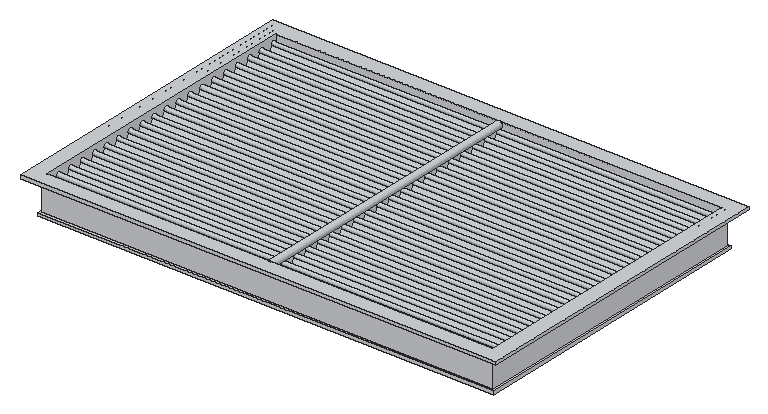
Revit family "BSHH", category Air Terminals, Revit 2012
Parameters (values of type "BSHH-23-15")
  separación = 3/4"
  Width = A Largo + 3" / 2  # 23 29/32"
  URL = "http://www.inne.com.mx"
  Travesaños laterales = if(A Largo > 29", 1 < 2, 1 > 2)  # no
  Travesaño medio = if(A Largo < 10", 1 > 2, 1 < 2)  # yes
  N° de rejillas = (B Alto / separación)  # 19
  Mínima velocidad de cuello = 0 FPM
  Mínima presión estática = 0.00 in-wg
  Máximo nivel de ruido (NC) = ""
  Máxima velocidad de cuello = 0 FPM
  Máxima presión estática = 0.00 in-wg
  Material = ""
  Manufacturer = "INNE"
  Height = B Alto + 3" / 2  # 15 29/32"
  Cuello = ""
  B marco = B Alto + 1 1/2"  # 15 29/32"
  B Alto = 14 13/32"
  Altura = 1 7/8"
  A Largo = 22 13/32"
Types (5): name | Width | N° de rejillas | Height | B marco | B Alto | Altura | A Largo
  (no name) | 23 29/32" | 19 | 15 29/32" | 15 29/32" | 14 13/32" | 1 7/8" | 22 13/32"
  BSHH-20-12 | 20 29/32" | 15 | 12 29/32" | 12 29/32" | 11 13/32" | 1 1/2" | 19 13/32"
  BSHH-21-13 | 21 29/32" | 17 | 13 29/32" | 13 29/32" | 12 13/32" | 1 7/8" | 20 13/32"
  BSHH-22-14 | 22 29/32" | 18 | 14 29/32" | 14 29/32" | 13 13/32" | 1 7/8" | 21 13/32"
  BSHH-23-15 | 23 29/32" | 19 | 15 29/32" | 15 29/32" | 14 13/32" | 1 7/8" | 22 13/32"
Reference planes (in)
  plane 1 "Center (Front/Back)": y = 0
  plane 2: z = 0
  plane 3 "Center (Left/Right)": x = 0
  plane 4: y = 7.20312
  plane 5: y = -7.20313
  plane 6: x = -11.20312
  plane 7: x = 11.20313
  plane 8: y = 6.70312
  plane 9: z = -0.58333
  plane 10 "top 2": y = 7.70996
  plane 11: y = -7.70313
  plane 12: z = 0.16667
  plane 13: z = -1.70833
  plane 14: y = 7.95312
  plane 15: y = -7.95313
  plane 16: z = -1.33333
Forms (in)
  Sweep 1, solid
    path origin (0, 0, 0) x (1, 0, 0) y (0, 1, 0)
      loop
        line (-11.20312, 7.20312) -> (-11.20312, -7.20313) -> (11.20313, -7.20313) -> (11.20313, 7.20312) -> (-11.20312, 7.20312)
    profile origin (0, 7.20312, 0) x (0, 1, 0) y (0, 0, 1)
      loop
        line (0, 0) -> (0, -1.70833) -> (0.25, -1.70833) -> (0.25, -1.55208) -> (0.15625, -1.55208) -> (0.15625, -0.3125) -> (0.25, -0.3125) -> (0.25, -0.15625) -> (0.15625, -0.15625) -> (0.15625, 0) -> (0.15625, 0.10489) -> (0.26638, 0.10489) -> (0.26638, 0.03073) -> (0.39657, 0.03073) -> (0.39657, 0.06767) -> (0.31942, 0.06767) -> (0.31942, 0.10489) -> (0.54947, 0.10489) -> (0.54947, 0.06767) -> (0.47559, 0.06767) -> (0.47559, 0.03073) -> (0.59334, 0.03073) -> (0.59334, 0.09769) -> (0.68378, 0.09769) -> (0.68378, 0) -> (0.75, 0) -> (0.75, 0.16667) -> (0, 0.16667) -> (0, 0)
  Sweep 2, solid
    path origin (0, 0, 0) x (1, 0, 0) y (0, 1, 0)
      loop
        line (0, 7.20312) -> (0, -7.20313)
    profile origin (0, 0, 0) x (1, 0, 0) y (0, 0, 1)
      loop
        line (-0.10984, -0.12535) -> (-0.10984, -0.75) -> (0.10984, -0.75) -> (0.10984, -0.12535)
        arc (0.10984, -0.12535) -> (0, 0.16667) -> (-0.10984, -0.12535) r 0.16667
Dimensions and locks (in)
  equal spacing: plane 6, plane 3 "Center (Left/Right)", plane 7
  equal spacing: plane 4, plane 1 "Center (Front/Back)", plane 5
  "A Largo": plane 6 to plane 7
  "B Alto": plane 4 to plane 5
  locked: Sweep 1 to plane 9 at 0.75
  locked: plane 4 to plane 8 at 0.5
  equal spacing: group 1, group 2, group 3, group 4, group 5, group 6, group 7, group 8, group 9, group 10, group 11, group 12, group 13, group 14, group 15, group 16, group 17, group 18, group 19  (x2)
  equal spacing: group 19, group 18, group 17, group 16, group 15, group 14, group 13, group 12, group 11, group 10, group 9, group 8, group 7, group 6, group 5, group 4, group 3, group 2, group 1
  "separación": nested 1 to nested 2
  locked: plane 10 "top 2" to plane 4 at 0.50684
  locked: plane 5 to plane 11 at 0.5
  "Altura": plane 12 to plane 13
  equal spacing: plane 14, plane 1 "Center (Front/Back)", plane 15
  "B marco": plane 14 to plane 15
  locked: plane 9 to plane 16 at 0.75
  "B Alto": Sweep 2 sketch curve to Sweep 2 sketch curve
  aligned and locked: plane 2 to level
  aligned and locked: Sweep 1 sketch curve to plane 4
  aligned and locked: plane 6 to Sweep 1 sketch curve
  aligned and locked: plane 5 to Sweep 1 sketch curve
  aligned and locked: Sweep 1 sketch curve to plane 7
  aligned and locked: plane 6 to nested 1
  aligned and locked: nested 1 to plane 8
  aligned and locked: plane 9 to nested 1
  aligned and locked: plane 6 to nested 2
  aligned and locked: plane 12 to Sweep 1
  aligned and locked: plane 13 to Sweep 1
  aligned and locked: plane 14 to Sweep 1 sketch curve
  aligned and locked: Sweep 1 to plane 4
Automatic sketch dimensions
  Sweep 2 sketch curve to plane 3 "Center (Left/Right)" = 0"
  Sweep 2 sketch curve to plane 5 = 0"
  Sweep 2 sketch curve to level = 0"
  profile plane to Sweep 2 sketch curve = 0"
  Sweep 2 sketch curve to profile plane = 0.10984"
  profile plane to Sweep 2 sketch curve = 0.10984"
  Sweep 2 sketch curve to Sweep 2 sketch curve = 0"
  Sweep 2 sketch curve to level = 0.12535"
  Sweep 2 sketch curve to Sweep 2 sketch curve = 0.62465"
  Sweep 1 sketch curve to level = 0"  (x3)
  Sweep 1 sketch curve to profile plane = 0"
  Sweep 1 sketch curve to profile plane = 5/32"  (x2)
  Sweep 1 sketch curve to Sweep 1 sketch curve = 3/32"  (x2)
  level to Sweep 1 sketch curve = 0.03073"  (x2)
  Sweep 1 sketch curve to Sweep 1 sketch curve = 0.11013"
  Sweep 1 sketch curve to Sweep 1 sketch curve = 0.05304"
  Sweep 1 sketch curve to Sweep 1 sketch curve = 0.07715"
  Sweep 1 sketch curve to Sweep 1 sketch curve = 0.07901"
  Sweep 1 sketch curve to Sweep 1 sketch curve = 0.07389"
  Sweep 1 sketch curve to Sweep 1 sketch curve = 0.04387"
  Sweep 1 sketch curve to Sweep 1 sketch curve = 0.06622"
  Sweep 1 sketch curve to Sweep 1 sketch curve = 5/32"  (x3)
  Sweep 1 sketch curve to Sweep 1 sketch curve = 1.23958"
  Sweep 1 sketch curve to Sweep 1 sketch curve = 0.03694"  (x2)
  Sweep 1 sketch curve to Sweep 1 sketch curve = 0.03002"
  Sweep 1 sketch curve to Sweep 1 sketch curve = 0.03722"
  level to Sweep 1 sketch curve = 0.10489"
  level to Sweep 1 sketch curve = 0.16667"
Nested families (in)
  nested 1: "Rejilla aleta" at (-11.20312, 6.70313, -0.58333), type "Rejilla aleta"
    with Largo rejilla 22 13/32"
  nested 2: "Rejilla aleta" at (-11.20312, 5.95313, -0.58333), type "Rejilla aleta"
    with Largo rejilla 22 13/32"
  nested 3: "Rejilla aleta" at (-11.20313, 5.20313, -0.58333), type "Rejilla aleta"
    with Largo rejilla 22 13/32"
  nested 4: "Rejilla aleta" at (-11.20313, 4.45313, -0.58333), type "Rejilla aleta"
    with Largo rejilla 22 13/32"
  nested 5: "Rejilla aleta" at (-11.20313, 3.70313, -0.58333), type "Rejilla aleta"
    with Largo rejilla 22 13/32"
  nested 6: "Rejilla aleta" at (-11.20313, 2.95313, -0.58333), type "Rejilla aleta"
    with Largo rejilla 22 13/32"
  nested 7: "Rejilla aleta" at (-11.20313, 2.20313, -0.58333), type "Rejilla aleta"
    with Largo rejilla 22 13/32"
  nested 8: "Rejilla aleta" at (-11.20313, 1.45313, -0.58333), type "Rejilla aleta"
    with Largo rejilla 22 13/32"
  nested 9: "Rejilla aleta" at (-11.20313, 0.70313, -0.58333), type "Rejilla aleta"
    with Largo rejilla 22 13/32"
  nested 10: "Rejilla aleta" at (-11.20313, -0.04687, -0.58333), type "Rejilla aleta"
    with Largo rejilla 22 13/32"
  nested 11: "Rejilla aleta" at (-11.20313, -0.79687, -0.58333), type "Rejilla aleta"
    with Largo rejilla 22 13/32"
  nested 12: "Rejilla aleta" at (-11.20313, -1.54687, -0.58333), type "Rejilla aleta"
    with Largo rejilla 22 13/32"
  nested 13: "Rejilla aleta" at (-11.20313, -2.29687, -0.58333), type "Rejilla aleta"
    with Largo rejilla 22 13/32"
  nested 14: "Rejilla aleta" at (-11.20313, -3.04687, -0.58333), type "Rejilla aleta"
    with Largo rejilla 22 13/32"
  nested 15: "Rejilla aleta" at (-11.20313, -3.79687, -0.58333), type "Rejilla aleta"
    with Largo rejilla 22 13/32"
  nested 16: "Rejilla aleta" at (-11.20313, -4.54687, -0.58333), type "Rejilla aleta"
    with Largo rejilla 22 13/32"
  nested 17: "Rejilla aleta" at (-11.20313, -5.29687, -0.58333), type "Rejilla aleta"
    with Largo rejilla 22 13/32"
  nested 18: "Rejilla aleta" at (-11.20312, -6.04687, -0.58333), type "Rejilla aleta"
    with Largo rejilla 22 13/32"
  nested 19: "Rejilla aleta" at (-11.20312, -6.79687, -0.58333), type "Rejilla aleta"
    with Largo rejilla 22 13/32"
Connectors (in)
  hvac at (0, 0, 0), driven by "Height", driven by "Width"
    settings: on Sweep 1, index 1, duct flow 0 CFM, flow factor 0, pres drop 0.00 in-wg, loss coef 0, conn angle 0.00°, conn width 23 29/32", conn height 15 29/32", conn radius 12", duct sys type 1, conn prof type 1, flow config 0, flow direction 0, loss method 0, conn ref index -1, conn util no, is conn primary yes, conn desc ""
Definition of nested family "Rejilla aleta"
  Parameters (values of type "Rejilla aleta")
    Largo rejilla = 12.27168"
  Reference planes (in)
    plane 1 "Center (Front/Back)": y = 0
    plane 2: z = 0
    plane 3 "Center (Left/Right)": x = 0
    plane 4: y = 0.75
    plane 5: y = -0.75
    plane 6: z = -0.75
    plane 7: z = 0.75
    plane 8: z = 0
    plane 9: y = 0
    plane 10: x = 12.27168
  Forms (in)
    Extrusion 1, solid
      sketch origin (0, 0, 0) x (0, 1, 0) y (0, 0, 1)
        loop
          line (-0.26338, -0.52178) -> (0.23181, 0.33592)
          arc (0.23181, 0.33592) -> (0.3001, 0.52015) -> (0.1774, 0.36669) r 0.09951
          line (0.1774, 0.36669) -> (-0.31751, -0.49053) -> (-0.26338, -0.52178)
      from 0 to 12.27168
  Dimensions and locks (in)
    equal spacing: plane 4, plane 1 "Center (Front/Back)", plane 5
    plane 4 to plane 5 = 1 1/2"
    equal spacing: plane 7, level, plane 6
    plane 7 to plane 6 = 1 1/2"
    Extrusion 1 sketch curve to Extrusion 1 sketch curve = 1/16"
    "Largo rejilla": plane 3 "Center (Left/Right)" to plane 10
    aligned and locked: plane 2 to level
    aligned and locked: Extrusion 1 to plane 10
  Automatic sketch dimensions
    plane 1 "Center (Front/Back)" to Extrusion 1 sketch curve = 0.31751"
    plane 6 to Extrusion 1 sketch curve = 0.22822"
    Extrusion 1 sketch curve to Extrusion 1 sketch curve = 0.05413"
    Extrusion 1 sketch curve to Extrusion 1 sketch curve = 0.0193"
    Extrusion 1 sketch curve to Extrusion 1 sketch curve = 0.0544"
    Extrusion 1 sketch curve to Extrusion 1 sketch curve = 0"
    Extrusion 1 sketch curve to plane 1 "Center (Front/Back)" = 0.1774"
